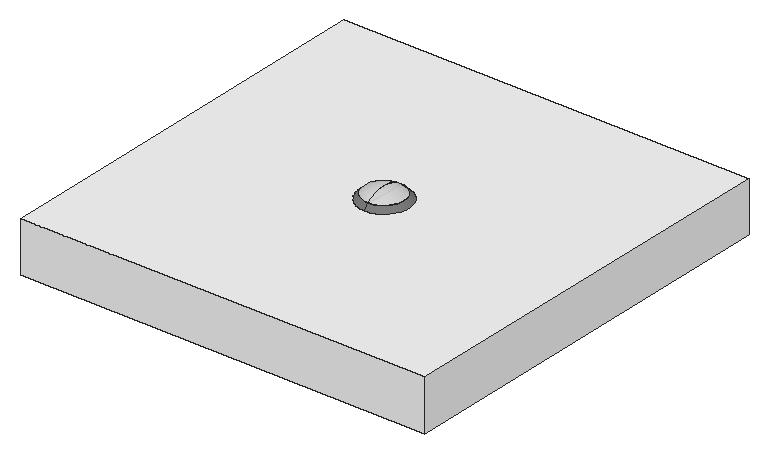
Revit family "Sarlam_Eclairage_Hublot_Chartres_Infini_T1_Diam_300mm_1000Lm", category Luminaires, Revit 2020
Family settings
  Hôte = Face
  Cote de connecteur circulaire = Utiliser le diamètre
  Type d'élément = Normal
  Couper avec des vides une fois chargée = Non
  Source d'éclairage = Oui
  Partagée = Non
  Point de calcul de pièce = Non
Parameters (values of type "ON/OFF ANTHRACITE")
  Zone plafond formes 1à7 [instance] = and(not(Diamètre externe = 328 mm), or([Standard Formes 1-3-6]), not([Afficher la zone de détection-pose murale]), [Afficher la zone de détection-pose plafond])  # no
  Zone murale formes 1à7 [instance] = and(not(Diamètre externe = 328 mm), or([Standard Formes 1-3-6]), [Afficher la zone de détection-pose murale], not([Afficher la zone de détection-pose plafond]))  # no
  Zone de détection = ""
  URL = "http://www.legrandoc.com/SL532001"
  Type de variation = "Non régulable"
  Type de tension = "CA"
  Tension nominale (Un) V MIN = 207
  Tension nominale (Un) V MAX = 253
  built-in parameter 1150107 = 3200 (stored number, unit not read)
  Température de couleur K MIN = 4000
  Température de couleur K MAX = 4000
  Standard Formes 1-3-6 = yes
  Source lumineuse = "Led non interchangeable"
  Répartition lumineuse = "Symétrique"
  Puissance du système W = 14
  Puissance de la source lumineuse W = ""
  Puissance de la lampe en Multiwatt = "14/24W"
  Wattage = 9.2903 W
  built-in parameter 1150110 = 1 (stored number, unit not read)
  built-in parameter 1150109 = 1 (stored number, unit not read)
  built-in parameter 1114218 = 1 (stored number, unit not read)
  built-in parameter 1150113 = 1 (stored number, unit not read)
  built-in parameter 1150112 = 1 (stored number, unit not read)
  built-in parameter 1150137 = (empty or 0)
  built-in parameter 1150132 = (empty or 0)
  Modèle = "SL-532001"
  Longueur d'encastrement = 0 mm
  Longueur = 300 mm
  Largeur d'encastrement = 300 mm
  Largeur = 300 mm
  built-in parameter 1150105 = 109.82 (stored number, unit not read)
  built-in parameter 1150102 = (empty or 0)
  Hauteur/profondeur d'encastrement = 0 mm
  Hauteur/profondeur = 70 mm
  Dimming Lamp Color Temperature Shift = (empty or 0)
  Lumens = 1380 lm
  Color Filter = 16777215
  Fichier de distribution photométrique = "SL532000 .ies"
  built-in parameter 1114217 = 1 (stored number, unit not read)
  built-in parameter 1150139 = (empty or 0)
  Fabricant = "LEGRAND"
  Emettre à partir du diamètre du cercle = 200 mm
  Emettre la visibilité des formes dans le rendu = no
  built-in parameter 1150104 = 13.8 (stored number, unit not read)
  built-in parameter 1150106 = 1.0982 (stored number, unit not read)
  built-in parameter 1150115 = 1 (stored number, unit not read)
  built-in parameter 1150114 = 1 (stored number, unit not read)
  Diamètre externe = 300 mm
  Diamètre d'encastrement = 0 mm
  Description = "CHARTRES INFINI 1000LM 4000K STANDARD ON/OFF ANTHRACITE"
  built-in parameter 1150138 = (empty or 0)
  built-in parameter 1150134 = 3
  Condition Générale d'Utilisation = "https://export.legrand.com/CGU-objets-BIM"
  Angle de l'inclinaison = 0.00°
  Afficher la zone de détection-pose plafond [instance] = no
  Afficher la zone de détection-pose murale [instance] = no
  Matériau du boîtier/corps = Plastique
  Indice de rendu des couleurs CRI = "80-89"
  Indice de protection contre les chocs (IK) = "IK10"
  Indice de protection (IP) = "IP55"
  Flux lumineux utile lm = 1000
  Elévation par défaut = 2500 mm
  Douille = "Sans"
  Courant nominal mA MIN = 39
  Courant nominal mA MAX = 49
  Couleur du boîtier/corps = LEGRAND - Anthracite
  Classe de protection = "II"
  Avec détecteur de mouvement = no
  Avec détecteur crépusculaire = no
  Appareillage = "Appareil à LED commandé en courant"
  Angle du faisceau = "Faisceau libre"
  Afficher l'étiquette de zone [instance] = no
  Adapté à une suspension = no
  Adapté à un montage encastré = no
  Adapté à un montage en saillie = yes
  Adapté à un montage en applique = yes
  Adapté à un montage au plafond = yes
  built-in parameter 1150133 = 10 (stored number, unit not read)
Types (12, lengths in mm): name | Zone de détection | URL | Type de variation | Puissance du système W | Modèle | built-in parameter 1150105 | built-in parameter 1150106 | Description | Courant nominal mA MIN | Courant nominal mA MAX | Couleur du boîtier/corps | Avec détecteur de mouvement | Avec détecteur crépusculaire
  ON/OFF BLANC | "" | "http://www.legrandoc.com/SL532000" | "Non régulable" | 14 | "SL-532000" | 421.16 (stored number, unit not read) | 4.2116 (stored number, unit not read) | "CHARTRES INFINI 1000LM 4000K STANDARD ON/OFF BLANC" | 39 | 49 | LEGRAND - Blanc | no | no
  ON/OFF ANTHRACITE | "" | "http://www.legrandoc.com/SL532001" | "Non régulable" | 14 | "SL-532001" | 109.82 (stored number, unit not read) | 1.0982 (stored number, unit not read) | "CHARTRES INFINI 1000LM 4000K STANDARD ON/OFF ANTHRACITE" | 39 | 49 | LEGRAND - Anthracite | no | no
  ON/OFF GRIS METAL | "" | "http://www.legrandoc.com/SL532002" | "Non régulable" | 14 | "SL-532002" | 109.82 (stored number, unit not read) | 1.0982 (stored number, unit not read) | "CHARTRES INFINI 1000LM 4000K STANDARD ON/OFF GRIS METAL" | 39 | 49 | LEGRAND - Gris métal | no | no
  Détection BLANC | "Détection à 2,5m haut Plafond: Ø6m maxi Mur: Ellipse 16*17m" | "http://www.legrandoc.com/SL532040" | "Autre" | 15 | "SL-532040" | 421.16 (stored number, unit not read) | 4.2116 (stored number, unit not read) | "CHARTRES INFINI 1000LM 4000K  STANDARD DETECTION HF BLANC" | 59 | 73 | LEGRAND - Blanc | yes | yes
  Détection ANTHRACITE | "Détection à 2,5m haut Plafond: Ø6m maxi Mur: Ellipse 16*17m" | "http://www.legrandoc.com/SL532041" | "Autre" | 15 | "SL-532041" | 109.82 (stored number, unit not read) | 1.0982 (stored number, unit not read) | "CHARTRES INFINI 1000LM 4000K  STANDARD DETECTION HF ANTHRACITE" | 59 | 73 | LEGRAND - Anthracite | yes | yes
  Détection GRIS METAL | "Détection à 2,5m haut Plafond: Ø6m maxi Mur: Ellipse 16*17m" | "http://www.legrandoc.com/SL532042" | "Autre" | 15 | "SL-532042" | 421.16 (stored number, unit not read) | 4.2116 (stored number, unit not read) | "CHARTRES INFINI 1000LM 4000K  STANDARD DETECTION HF GRIS METAL" | 59 | 73 | LEGRAND - Gris métal | yes | yes
  Détection+Horloge BLANC | "Détection à 2,5m haut Plafond: Ø6m maxi Mur: Ellipse 16*17m" | "http://www.legrandoc.com/SL532070" | "Autre" | 15 | "SL-532070" | 109.82 (stored number, unit not read) | 1.0982 (stored number, unit not read) | "CHARTRES INFINI 1000LM 4000K  STD DETECTION HF + HORLOGE BLANC" | 59 | 73 | LEGRAND - Blanc | yes | yes
  Détection+Horloge ANTHRACITE | "Détection à 2,5m haut Plafond: Ø6m maxi Mur: Ellipse 16*17m" | "http://www.legrandoc.com/SL532071" | "Autre" | 15 | "SL-532071" | 109.82 (stored number, unit not read) | 1.0982 (stored number, unit not read) | "CHARTRES INFINI 1000LM 4000K  STD DETECTION HF + HORLOGE ANTHRACITE" | 59 | 73 | LEGRAND - Anthracite | yes | yes
  Détection+Horloge GRIS METAL | "Détection à 2,5m haut Plafond: Ø6m maxi Mur: Ellipse 16*17m" | "http://www.legrandoc.com/SL532072" | "Autre" | 15 | "SL-532072" | 109.82 (stored number, unit not read) | 1.0982 (stored number, unit not read) | "CHARTRES INFINI 1000LM 4000K  STD DETECTION HF + HORLOGE GRIS METAL" | 59 | 73 | LEGRAND - Gris métal | yes | yes
  Double niveau/Minuterie BLANC | "" | "http://www.legrandoc.com/SL532082" | "Autre" | 15 | "SL-532082" | 109.82 (stored number, unit not read) | 1.0982 (stored number, unit not read) | "CHARTRES INFINI 1000LM 4000K STD DOUBLE NIVEAU/MINUTERIE BLANC" | 59 | 73 | LEGRAND - Blanc | no | no
  Double niveau/Minuterie ANTHRACITE | "" | "http://www.legrandoc.com/SL532083" | "Autre" | 15 | "SL-532083" | 109.82 (stored number, unit not read) | 1.0982 (stored number, unit not read) | "CHARTRES INFINI 1000LM 4000K STD DOUBLE NIVEAU/MINUTERIE ANTHRACITE" | 59 | 73 | LEGRAND - Anthracite | no | no
  Double niveau/Minuterie GRIS METAL | "" | "http://www.legrandoc.com/SL532084" | "Autre" | 15 | "SL-532084" | 109.82 (stored number, unit not read) | 1.0982 (stored number, unit not read) | "CHARTRES INFINI 1000LM 4000K STD DOUBLE NIVEAU/MINUTERIE GRIS METAL" | 59 | 73 | LEGRAND - Gris métal | no | no
Reference planes
  plane 1 "Centre (avant/arrière)": y = 0
  plane 2: z = 0
  plane 3 "Centre (gauche/droite)": x = 0
  plane 4: z = 90
Forms (mm)
  Extrusion 1, solid, material "Blanc"
    sketch origin (0, 0, 0) x (1, 0, 0) y (0, 1, 0)
      loop
        line (-1219.2, 1219.2) -> (-1219.2, -1219.2) -> (1219.2, -1219.2) -> (1219.2, 1219.2) -> (-1219.2, 1219.2)
    from 0 to -304.8
Lines and regions (mm)
  model lines, not visible
    curve 1: line (0, 0, 0) -> (0, 0, 2230)
    curve 2: line (0, 0, 0) -> (0, 3300, 0)
    curve 3: line (0, 0, 0) -> (-2620, 0, 0)
Dimensions and locks
  nested 1 to imposter light = 90 mm
  aligned and locked: plane 2 to Extrusion 1
  aligned and locked: level to Extrusion 1
  aligned and locked: imposter light to plane 4
  aligned and locked: imposter light to plane 1 "Centre (avant/arrière)"
  aligned and locked: plane 3 "Centre (gauche/droite)" to imposter light
Nested families
  nested 1: "Zone de détection murale Chartres-Astreo" at (0, 0, 0) x (0, 0, 1) z (0, -1, 0), visible <- "Afficher la zone de détection-pose murale", type "Zone de détection murale"
  nested 2: "Formes 1-2-3-4-6-7-8-9" at (0, 0, 0), type "Formes"
  nested 3: "Zone de détection plafond Chartres-Astreo" at (0, 0, 2500), visible <- "Afficher la zone de détection-pose plafond", type "Zone de détection plafond"
    with Zone plafond Formes 8à9 no
  nested 4: "Zone de détection murale Chartres-Astreo" at (0, 0, 0) x (0, 0, 1) z (1, 0, 0), visible <- "Afficher la zone de détection-pose murale", type "Zone de détection murale"
  nested 5: "Etiquette de zone" at (-5.168, 182.331, 0) x (-1, 0, 0) z (0, 0, 1), visible <- "Afficher l'étiquette de zone", type "Etiquette de zone"
Connectors
  electrical at (0, 0, 0)
    settings: on nested 2, index 1, voltage 230 V, apparent load 0 VA, apparent load phase1 0 VA, apparent load phase2 0 VA, apparent load phase3 0 VA, power factor 1, load classification "Eclairage", number of poles 1, system type 30, power factor state 1, is connector primary yes, connector utility no, sub classification motor no, connector description ""
Definition of nested family "Formes 1-2-3-4-6-7-8-9"
  Parameters (values of type "Formes")
    Standard Forme 8 = no
    Standard Formes 1-3-6 = yes
    Matériau corps = none
    Fl = if(Diamètre total < 325 mm, 70 mm, if(Diamètre total = 328 mm, 107 mm, 90 mm))  # 70 mm
    Default Elevation = 0 mm
    Dimension hublot = if(Diamètre total = 300 mm, 121.1 mm, if(Diamètre total = 322 mm, 129.3 mm, if(Diamètre total = 328 mm, 148.6 mm, if(Diamètre total = 420 mm, 179.2 mm, 185.3 mm))))  # 121.1 mm
    Diamètre total = 300 mm
    Courbure = if(Diamètre total = 300 mm, 195.7 mm, if(Diamètre total = 322 mm, 220.2 mm, if(Diamètre total = 328 mm, 179.2 mm, if(Diamètre total = 420 mm, 290 mm, 307.8 mm))))  # 195.7 mm
    Couleur corps = none
    Antivandale Forme 9 = no
    Antivandale Formes 2-4-7 = no
  Reference planes
    plane 1 "Centre (avant/arrière)": y = 0
    plane 2: z = 0
    plane 3 "Centre (gauche/droite)": x = 0
    plane 4: y = 150
    plane 5: y = -150
    plane 6: y = 121.1
  Forms (mm)
    Revolve 1, solid
      sketch origin (0, 0, 0) x (0, 0, -1) y (0, 1, 0)
        loop
          arc (-28, 121.1) -> (-59.196, 64.086) -> (-70, 0) r 195.7
          line (-70, 0) -> (-28, 0) -> (-28, 121.1)
        axis (-28, 0) -> (-70, 0)
      angle from 0 to 360
  Dimensions and locks
    equal spacing: plane 4, plane 1 "Centre (avant/arrière)", plane 5
    "Diamètre total": plane 4 to plane 5
    equal spacing: plane 5, plane 1 "Centre (avant/arrière)", plane 4
    "Dimension hublot": plane 1 "Centre (avant/arrière)" to plane 6
    "Fl": Revolve 1 sketch curve to plane 2
    "Courbure": radius of Revolve 1 sketch curve
    aligned and locked: level to plane 2
    aligned and locked: plane 6 to Revolve 1 sketch curve
    aligned and locked: plane 2 to nested 2
  Automatic sketch dimensions
    Revolve 1 sketch curve to plane 1 "Centre (avant/arrière)" = 0 mm  (x2)
    level to Revolve 1 sketch curve = 28 mm
    Revolve 1 sketch curve to Revolve 1 sketch curve = 1811.469 mm
    Revolve 1 sketch curve to Revolve 1 sketch curve = 1147.22 mm
  Nested families
    nested 1: "Corps standard Formes 1-3-6" at (0, 0, 0), visible <- "Standard Formes 1-3-6", type "Corps standard Formes 1-3-6"
      with Diamètre 300 mm
    nested 2: "Corps antivandale Formes 2-4-7" at (0, 0, 0), visible <- "Antivandale Formes 2-4-7", type "Corps antivandale Formes 2-4-7"
      with Diamètre 300 mm
    nested 3: "Corps standard Forme 8" at (0, 0, 0), visible <- "Standard Forme 8", type "Corps standard Forme 8"
    nested 4: "Corps antivandale Forme 9" at (0, 0, 0), visible <- "Antivandale Forme 9", type "Corps antivandale Forme 9"
  Definition of nested family "Corps standard Formes 1-3-6"
    Parameters (values of type "Corps standard")
      Matériau corps = none
      Default Elevation = 0 mm
      Couleur corps = none
      Diamètre = 322 mm
      Courbure = if(Diamètre < 400 mm, 195.7 mm, 290 mm)  # 195.7 mm
    Reference planes
      plane 1 "Centre (avant/arrière)": y = 0
      plane 2: z = 0
      plane 3 "Centre (gauche/droite)": x = 0
      plane 4: y = 161
      plane 5: y = -161
      plane 6: z = 28
    Forms (mm)
      Revolve 1, solid, material <- "Couleur corps"
        sketch origin (0, 0, 0) x (0, 0, -1) y (0, 1, 0)
          loop
            line (0, 0) -> (0, 161)
            arc (0, 161) -> (-14.55, 149.906) -> (-28, 137.502) r 195.7
            line (-28, 137.502) -> (-28, 0) -> (0, 0)
          axis (0, 0) -> (-28, 0)
        angle from 0 to 360
    Dimensions and locks
      equal spacing: plane 4, plane 1 "Centre (avant/arrière)", plane 5
      "Diamètre": plane 4 to plane 5
      equal spacing: plane 5, plane 1 "Centre (avant/arrière)", plane 4
      "Courbure": radius of Revolve 1 sketch curve
      aligned and locked: level to plane 2
      aligned and locked: plane 2 to Revolve 1  (x2)
      aligned and locked: Revolve 1 to plane 2
      aligned and locked: plane 6 to Revolve 1
    Automatic sketch dimensions
      Revolve 1 sketch curve to plane 1 "Centre (avant/arrière)" = 0 mm  (x3)
      Revolve 1 sketch curve to plane 6 = 0 mm
      Revolve 1 sketch curve to level = 0 mm
      Revolve 1 sketch curve to plane 4 = 0 mm
      plane 6 to Revolve 1 sketch curve = 1833.51 mm
      Revolve 1 sketch curve to Revolve 1 sketch curve = 1167.217 mm
  Definition of nested family "Corps antivandale Formes 2-4-7"
    Parameters (values of type "Corps antivandale")
      Rayon réseau vis = if(Diamètre < 400 mm, 137.2 mm, 193.2 mm)  # 137.2 mm
      Matériau corps = none
      Default Elevation = 0 mm
      Diamètre = 322 mm
      Courbure = if(Diamètre < 400 mm, 220.2 mm, 307.8 mm)  # 220.2 mm
      Couleur corps = none
    Reference planes
      plane 1 "Centre (avant/arrière)": y = 0
      plane 2: z = 0
      plane 3 "Centre (gauche/droite)": x = 0
      plane 4: y = 161
      plane 5: y = -161
      plane 6: z = 28
      plane 7: through (0, 0, 1200) normal (0.5, 0.866, 0)
      plane 8: through (0, 0, 1200) normal (0.5, -0.866, 0)
    Forms (mm)
      Revolve 1, solid, material <- "Couleur corps"
        sketch origin (0, 0, 0) x (0, 0, -1) y (0, 1, 0)
          loop
            line (0, 0) -> (0, 161)
            arc (0, 161) -> (-14.762, 145.835) -> (-28, 129.323) r 220.2
            line (-28, 129.323) -> (-28, 0) -> (0, 0)
          axis (0, 0) -> (-28, 0)
        angle from 0 to 360
      Extrusion 2, solid, material <- "Couleur corps"
        sketch origin (0, -0.04, 0) x (1, 0, 0) y (0, 1, 0)
          loop
            line (-4, 129.32) -> (-4, 137.3)
            arc (-4, 137.3) -> (0, 141.3) -> (4, 137.3) r 4
            line (4, 137.3) -> (4, 129.32)
            arc (4, 129.32) -> (5, 129.285) -> (6, 129.243) r 129.323
            line (6, 129.243) -> (6, 137.3)
            arc (6, 137.3) -> (0, 143.3) -> (-6, 137.3) r 6
            line (-6, 137.3) -> (-6, 129.243)
            arc (-6, 129.243) -> (-5, 129.285) -> (-4, 129.32) r 129.323
        from 15.189 to 28
      Extrusion 3, solid, material <- "Couleur corps"
        sketch origin (-0.035, 0.02, 0) x (-0.5, -0.866025, 0) y (0.866025, -0.5, 0)
          loop
            line (-4, 129.32) -> (-4, 137.3)
            arc (-4, 137.3) -> (0, 141.3) -> (4, 137.3) r 4
            line (4, 137.3) -> (4, 129.32)
            arc (4, 129.32) -> (5, 129.285) -> (6, 129.243) r 129.323
            line (6, 129.243) -> (6, 137.3)
            arc (6, 137.3) -> (0, 143.3) -> (-6, 137.3) r 6
            line (-6, 137.3) -> (-6, 129.243)
            arc (-6, 129.243) -> (-5, 129.285) -> (-4, 129.32) r 129.323
        from 15.189 to 28
      Extrusion 4, solid, material <- "Couleur corps"
        sketch origin (0.035, 0.02, 0) x (-0.5, 0.866025, 0) y (-0.866025, -0.5, 0)
          loop
            line (-4, 129.32) -> (-4, 137.3)
            arc (-4, 137.3) -> (0, 141.3) -> (4, 137.3) r 4
            line (4, 137.3) -> (4, 129.32)
            arc (4, 129.32) -> (5, 129.285) -> (6, 129.243) r 129.323
            line (6, 129.243) -> (6, 137.3)
            arc (6, 137.3) -> (0, 143.3) -> (-6, 137.3) r 6
            line (-6, 137.3) -> (-6, 129.243)
            arc (-6, 129.243) -> (-5, 129.285) -> (-4, 129.32) r 129.323
        from 15.189 to 28
      Revolve 5, solid
        sketch origin (0, 0.018, -12.656) x (0, 1, 0) y (0, 0, 1)
          loop
            line (136.525, 38.942) -> (136.525, 29.094) -> (136.962, 29.907) -> (137.751, 35.518) -> (140.148, 38.942) -> (136.525, 38.942)
          axis (136.525, 29.094) -> (136.525, 38.942)
        angle from 0 to 360
      Revolve 6, solid
        sketch origin (0.016, -0.009, -12.656) x (0.866025, -0.5, 0) y (0, 0, 1)
          loop
            line (136.525, 38.942) -> (136.525, 29.094) -> (136.962, 29.907) -> (137.751, 35.518) -> (140.148, 38.942) -> (136.525, 38.942)
          axis (136.525, 29.094) -> (136.525, 38.942)
        angle from 0 to 360
      Revolve 7, solid
        sketch origin (-0.016, -0.009, -12.656) x (-0.866025, -0.5, 0) y (0, 0, 1)
          loop
            line (136.525, 38.942) -> (136.525, 29.094) -> (136.962, 29.907) -> (137.751, 35.518) -> (140.148, 38.942) -> (136.525, 38.942)
          axis (136.525, 29.094) -> (136.525, 38.942)
        angle from 0 to 360
    Cuts and joins
      joined: Revolve 1, Extrusion 2
    Lines and regions (mm)
      model lines
        curve 1: line (-2.5, 136.543, 26.285) -> (2.5, 136.543, 26.285)
        curve 2: line (0, 138.995, 26.285) -> (0, 133.995, 26.285)
        curve 3: line (119.5, -66.107, 26.285) -> (117, -70.437, 26.285)
        curve 4: line (120.373, -69.497, 26.285) -> (116.043, -66.997, 26.285)
        curve 5: line (-117, -70.437, 26.285) -> (-119.5, -66.107, 26.285)
        curve 6: line (-120.373, -69.497, 26.285) -> (-116.043, -66.997, 26.285)
    Dimensions and locks
      equal spacing: plane 4, plane 1 "Centre (avant/arrière)", plane 5
      "Diamètre": plane 4 to plane 5
      equal spacing: plane 5, plane 1 "Centre (avant/arrière)", plane 4
      "Courbure": radius of Revolve 1 sketch curve
      "Rayon réseau vis": radius of radial array
      aligned and locked: level to plane 2
      aligned and locked: plane 2 to Revolve 1  (x2)
      aligned and locked: Revolve 1 to plane 2
      aligned and locked: plane 6 to Revolve 1
    Automatic sketch dimensions
      Extrusion 2 sketch curve to Extrusion 2 sketch curve = 0 mm  (x9)
      Extrusion 2 sketch curve to Extrusion 2 sketch curve = 7.98 mm
      Extrusion 2 sketch curve to Extrusion 2 sketch curve = 0.077 mm
      Extrusion 2 sketch curve to Extrusion 2 sketch curve = 2 mm
      Extrusion 2 sketch curve to Extrusion 2 sketch curve = 4 mm
      Extrusion 2 sketch curve to Extrusion 2 sketch curve = 6 mm
      Extrusion 3 sketch curve to Extrusion 3 sketch curve = 0 mm  (x9)
      Extrusion 3 sketch curve to Extrusion 3 sketch curve = 7.98 mm
      Extrusion 3 sketch curve to Extrusion 3 sketch curve = 0.077 mm
      Extrusion 3 sketch curve to Extrusion 3 sketch curve = 2 mm
      Extrusion 3 sketch curve to Extrusion 3 sketch curve = 4 mm
      Extrusion 3 sketch curve to Extrusion 3 sketch curve = 6 mm
      Extrusion 4 sketch curve to Extrusion 4 sketch curve = 0 mm  (x9)
      Extrusion 4 sketch curve to Extrusion 4 sketch curve = 7.98 mm
      Extrusion 4 sketch curve to Extrusion 4 sketch curve = 0.077 mm
      Extrusion 4 sketch curve to Extrusion 4 sketch curve = 2 mm
      Extrusion 4 sketch curve to Extrusion 4 sketch curve = 4 mm
      Extrusion 4 sketch curve to Extrusion 4 sketch curve = 6 mm
      Revolve 7 sketch curve to Revolve 7 sketch curve = 0.437 mm  (x2)
      Revolve 7 sketch curve to Revolve 7 sketch curve = 1.226 mm  (x2)
      Revolve 7 sketch curve to Revolve 7 sketch curve = 2.397 mm
      Revolve 7 sketch curve to Revolve 7 sketch curve = 0.813 mm  (x2)
      Revolve 7 sketch curve to Revolve 7 sketch curve = 5.611 mm  (x2)
      Revolve 7 sketch curve to Revolve 7 sketch curve = 3.424 mm  (x2)
      Revolve 7 sketch curve to Revolve 7 sketch curve = 0 mm  (x2)
      Revolve 7 sketch curve to Revolve 7 sketch curve = 0.975 mm
      Revolve 7 sketch curve to Revolve 7 sketch curve = 3.281 mm  (x2)
      Revolve 5 sketch curve to Revolve 5 sketch curve = 0.437 mm  (x2)
      Revolve 5 sketch curve to Revolve 5 sketch curve = 1.226 mm  (x2)
      Revolve 5 sketch curve to Revolve 5 sketch curve = 3.623 mm
      Revolve 5 sketch curve to Revolve 5 sketch curve = 5.611 mm  (x2)
      Revolve 5 sketch curve to Revolve 5 sketch curve = 3.424 mm  (x2)
      Revolve 5 sketch curve to Revolve 5 sketch curve = 0 mm  (x2)
      Revolve 5 sketch curve to Revolve 5 sketch curve = 0.813 mm  (x2)
      Revolve 5 sketch curve to Revolve 5 sketch curve = 0.162 mm
      Revolve 5 sketch curve to Revolve 5 sketch curve = 3.281 mm  (x2)
      Revolve 6 sketch curve to Revolve 6 sketch curve = 0.437 mm  (x2)
      Revolve 6 sketch curve to Revolve 6 sketch curve = 1.226 mm  (x2)
      Revolve 6 sketch curve to Revolve 6 sketch curve = 3.623 mm
      Revolve 6 sketch curve to Revolve 6 sketch curve = 5.611 mm  (x2)
      Revolve 6 sketch curve to Revolve 6 sketch curve = 3.424 mm  (x2)
      Revolve 6 sketch curve to Revolve 6 sketch curve = 0 mm  (x2)
      Revolve 6 sketch curve to Revolve 6 sketch curve = 0.813 mm  (x2)
      Revolve 6 sketch curve to Revolve 6 sketch curve = 0.162 mm
      Revolve 6 sketch curve to Revolve 6 sketch curve = 3.281 mm  (x2)
      Revolve 7 sketch curve to Revolve 7 sketch curve = 3.623 mm
      Revolve 7 sketch curve to Revolve 7 sketch curve = 0.162 mm
      curve 2 to Revolve 5 = 0 mm
      curve 2 to curve 1 = 2.548 mm
      curve 1 to curve 2 = 2.452 mm
      Revolve 5 to curve 1 = 2.5 mm
      curve 1 to Revolve 5 = 2.5 mm
      curve 4 to Revolve 6 = 0 mm
      curve 4 to curve 3 = 2.548 mm
      curve 3 to curve 4 = 2.452 mm
      Revolve 6 to curve 3 = 2.5 mm
      curve 3 to Revolve 6 = 2.5 mm
      curve 6 to Revolve 7 = 0 mm
      curve 6 to curve 5 = 2.548 mm
      curve 5 to curve 6 = 2.452 mm
      Revolve 7 to curve 5 = 2.5 mm
      curve 5 to Revolve 7 = 2.5 mm
      Revolve 5 sketch curve to Revolve 5 sketch curve = 2.397 mm
      Revolve 5 sketch curve to Revolve 5 sketch curve = 0.975 mm
      Revolve 6 sketch curve to Revolve 6 sketch curve = 2.397 mm
      Revolve 6 sketch curve to Revolve 6 sketch curve = 0.975 mm
      Revolve 1 sketch curve to plane 1 "Centre (avant/arrière)" = 0 mm  (x3)
      Revolve 1 sketch curve to plane 6 = 0 mm
      Revolve 1 sketch curve to level = 0 mm
      Revolve 1 sketch curve to plane 4 = 0 mm
      plane 6 to Revolve 1 sketch curve = 1833.51 mm
      Revolve 1 sketch curve to Revolve 1 sketch curve = 1128.321 mm
  Definition of nested family "Corps standard Forme 8"
    Parameters (values of type "Corps standard Forme 8")
      Matériau corps = none
      Default Elevation = 0 mm
      Couleur corps = none
      Diamètre = 328 mm
    Reference planes
      plane 1 "Centre (avant/arrière)": y = 0
      plane 2: z = 0
      plane 3 "Centre (gauche/droite)": x = 0
      plane 4: y = 164
      plane 5: y = -164
      plane 6: z = 28
      plane 7: y = 7.5
      plane 8: y = -7.5
    Forms (mm)
      Revolve 1, solid, material <- "Couleur corps"
        sketch origin (0, 0, 0) x (0, 0, -1) y (0, 1, 0)
          loop
            line (0, 0) -> (0, 164)
            arc (0, 164) -> (-14.345, 156.905) -> (-28, 148.559) r 179.182
            line (-28, 148.559) -> (-28, 0) -> (0, 0)
          axis (0, 0) -> (-28, 0)
        angle from 0 to 360
      Sweep 2, void
        path origin (0, 0, 0) x (1, 0, 0) y (0, 1, 0)
          loop
            arc (153.049, 7.5) -> (0, 153.232) -> (-153.049, 7.5) r 153.232
        profile origin (0, 153.232, 0) x (0, -1, 0) y (0, 0, 1)
          loop
            line (-5.469, 6.213) -> (-10.469, 16.465) -> (-10.469, 6.213) -> (-5.469, 6.213)
      Sweep 3, void
        path origin (0, 0, 0) x (1, 0, 0) y (0, 1, 0)
          loop
            arc (153.049, 7.5) -> (0, 153.232) -> (-153.049, 7.5) r 153.232
        profile origin (0, 153.232, 0) x (0, -1, 0) y (0, 0, 1)
          loop
            line (-1.643, 13.471) -> (-6.643, 23.723) -> (-6.643, 13.471) -> (-1.643, 13.471)
      Sweep 4, void
        path origin (0, 0, 0) x (1, 0, 0) y (0, -1, 0)
          loop
            arc (153.049, 7.5) -> (0, 153.232) -> (-153.049, 7.5) r 153.232
        profile origin (0, -153.232, 0) x (0, -1, 0) y (0, 0, 1)
          loop
            line (1.643, 13.471) -> (6.643, 13.471) -> (6.643, 23.723) -> (1.643, 13.471)
      Sweep 5, void
        path origin (0, 0, 0) x (1, 0, 0) y (0, -1, 0)
          loop
            arc (153.049, 7.5) -> (0, 153.232) -> (-153.049, 7.5) r 153.232
        profile origin (0, -153.232, 0) x (0, -1, 0) y (0, 0, 1)
          loop
            line (5.469, 6.213) -> (10.469, 6.213) -> (10.469, 16.465) -> (5.469, 6.213)
    Cuts and joins
      Sweep 2, Sweep 3, Sweep 4, Sweep 5 cuts Revolve 1
    Dimensions and locks
      equal spacing: plane 4, plane 1 "Centre (avant/arrière)", plane 5
      "Diamètre": plane 4 to plane 5
      equal spacing: plane 5, plane 1 "Centre (avant/arrière)", plane 4
      aligned and locked: level to plane 2
      aligned and locked: plane 2 to Revolve 1  (x2)
      aligned and locked: Revolve 1 to plane 2
      aligned and locked: plane 6 to Revolve 1
    Automatic sketch dimensions
      Sweep 2 sketch curve to plane 7 = 0 mm  (x2)
      plane 1 "Centre (avant/arrière)" to Sweep 2 sketch curve = 0 mm
      Sweep 2 sketch curve to plane 3 "Centre (gauche/droite)" = 0 mm
      Sweep 2 sketch curve to plane 3 "Centre (gauche/droite)" = 153.049 mm
      Sweep 3 sketch curve to plane 7 = 0 mm  (x2)
      plane 1 "Centre (avant/arrière)" to Sweep 3 sketch curve = 0 mm
      Sweep 3 sketch curve to plane 3 "Centre (gauche/droite)" = 0 mm
      Sweep 3 sketch curve to plane 3 "Centre (gauche/droite)" = 153.049 mm
      Sweep 4 sketch curve to plane 8 = 0 mm  (x2)
      plane 1 "Centre (avant/arrière)" to Sweep 4 sketch curve = 0 mm
      Sweep 4 sketch curve to plane 3 "Centre (gauche/droite)" = 0 mm
      plane 3 "Centre (gauche/droite)" to Sweep 4 sketch curve = 153.049 mm
      Sweep 5 sketch curve to plane 8 = 0 mm  (x2)
      plane 1 "Centre (avant/arrière)" to Sweep 5 sketch curve = 0 mm
      Sweep 5 sketch curve to plane 3 "Centre (gauche/droite)" = 0 mm
      plane 3 "Centre (gauche/droite)" to Sweep 5 sketch curve = 153.049 mm
      Revolve 1 sketch curve to plane 1 "Centre (avant/arrière)" = 0 mm  (x3)
      Revolve 1 sketch curve to plane 6 = 0 mm
      Revolve 1 sketch curve to level = 0 mm
      Revolve 1 sketch curve to plane 4 = 0 mm
      Revolve 1 sketch curve to Revolve 1 sketch curve = 72.182 mm
      plane 6 to Revolve 1 sketch curve = 1833.51 mm
      Revolve 1 sketch curve to Revolve 1 sketch curve = 1201.817 mm
      profile plane to Sweep 2 sketch curve = 10.469 mm
      Sweep 2 sketch curve to Sweep 2 sketch curve = 5 mm
      level to Sweep 2 sketch curve = 6.213 mm
      Sweep 2 sketch curve to Sweep 2 sketch curve = 10.252 mm
      profile plane to Sweep 3 sketch curve = 6.643 mm
      profile plane to Sweep 3 sketch curve = 1.643 mm
      level to Sweep 3 sketch curve = 13.471 mm
      Sweep 3 sketch curve to Sweep 3 sketch curve = 10.252 mm
      Sweep 4 sketch curve to profile plane = 1.643 mm
      Sweep 4 sketch curve to profile plane = 6.643 mm
      level to Sweep 4 sketch curve = 13.471 mm
      Sweep 4 sketch curve to Sweep 4 sketch curve = 10.252 mm
      Sweep 5 sketch curve to profile plane = 5.469 mm
      Sweep 5 sketch curve to profile plane = 10.469 mm
      level to Sweep 5 sketch curve = 6.213 mm
      Sweep 5 sketch curve to Sweep 5 sketch curve = 10.252 mm
  Definition of nested family "Corps antivandale Forme 9"
    Parameters (values of type "Corps antivandale Forme 9")
      Matériau corps = none
      Default Elevation = 0 mm
      Couleur corps = none
      Diamètre = 328 mm
    Reference planes
      plane 1 "Centre (avant/arrière)": y = 0
      plane 2: z = 0
      plane 3 "Centre (gauche/droite)": x = 0
      plane 4: y = 164
      plane 5: y = -164
      plane 6: z = 28
      plane 7: y = 7.5
      plane 8: y = -7.5
    Forms (mm)
      Revolve 1, solid, material <- "Couleur corps"
        sketch origin (0, 0, 0) x (0, 0, -1) y (0, 1, 0)
          loop
            line (0, 0) -> (0, 164)
            arc (0, 164) -> (-14.345, 156.905) -> (-28, 148.559) r 179.182
            line (-28, 148.559) -> (-28, 0) -> (0, 0)
          axis (0, 0) -> (-28, 0)
        angle from 0 to 360
      Extrusion 2, void
        sketch origin (-1.406, 0, 0) x (1, 0, 0) y (0, 1, 0)
          loop
            circle (157.486, 0) r 5
        from 5.665 to 28
      Sweep 3, void
        path origin (0, 0, 0) x (1, 0, 0) y (0, 1, 0)
          loop
            arc (153.049, 7.5) -> (0, 153.232) -> (-153.049, 7.5) r 153.232
        profile origin (0, 153.232, 0) x (0, -1, 0) y (0, 0, 1)
          loop
            line (-5.469, 6.213) -> (-10.469, 16.465) -> (-10.469, 6.213) -> (-5.469, 6.213)
      Extrusion 4, void
        sketch origin (1.406, 0, 0) x (-1, 0, 0) y (0, -1, 0)
          loop
            circle (157.486, 0) r 5
        from 5.665 to 28
      Sweep 5, void
        path origin (0, 0, 0) x (1, 0, 0) y (0, 1, 0)
          loop
            arc (153.049, 7.5) -> (0, 153.232) -> (-153.049, 7.5) r 153.232
        profile origin (0, 153.232, 0) x (0, -1, 0) y (0, 0, 1)
          loop
            line (-1.643, 13.471) -> (-6.643, 23.723) -> (-6.643, 13.471) -> (-1.643, 13.471)
      Sweep 6, void
        path origin (0, 0, 0) x (1, 0, 0) y (0, -1, 0)
          loop
            arc (153.049, 7.5) -> (0, 153.232) -> (-153.049, 7.5) r 153.232
        profile origin (0, -153.232, 0) x (0, -1, 0) y (0, 0, 1)
          loop
            line (1.643, 13.471) -> (6.643, 13.471) -> (6.643, 23.723) -> (1.643, 13.471)
      Sweep 7, void
        path origin (0, 0, 0) x (1, 0, 0) y (0, -1, 0)
          loop
            arc (153.049, 7.5) -> (0, 153.232) -> (-153.049, 7.5) r 153.232
        profile origin (0, -153.232, 0) x (0, -1, 0) y (0, 0, 1)
          loop
            line (5.469, 6.213) -> (10.469, 6.213) -> (10.469, 16.465) -> (5.469, 6.213)
      Revolve 8, solid
        sketch origin (-156.149, -136.533, -30.469) x (0, 1, 0) y (0, 0, 1)
          loop
            line (136.525, 38.942) -> (136.525, 31.651) -> (137.319, 32.445) -> (137.923, 36.741) -> (139.106, 38.942) -> (136.525, 38.942)
          axis (136.525, 31.651) -> (136.525, 38.942)
        angle from 0 to 360
      Revolve 9, solid
        sketch origin (156.149, -136.533, -30.469) x (0, 1, 0) y (0, 0, -1)
          loop
            line (136.525, -38.942) -> (139.106, -38.942) -> (137.923, -36.741) -> (137.319, -32.445) -> (136.525, -31.651) -> (136.525, -38.942)
          axis (136.525, -31.651) -> (136.525, -38.942)
        angle from 0 to 360
    Cuts and joins
      Extrusion 2, Sweep 3, Extrusion 4, Sweep 5, Sweep 6, Sweep 7 cuts Revolve 1
    Lines and regions (mm)
      model lines
        curve 1: line (-156.149, 1.39, 8.473) -> (-156.149, -1.406, 8.473)
        curve 2: line (-157.503, 0, 8.473) -> (-154.615, 0, 8.473)
        curve 3: line (156.149, 1.39, 8.473) -> (156.149, -1.406, 8.473)
        curve 4: line (157.503, 0, 8.473) -> (154.615, 0, 8.473)
    Dimensions and locks
      equal spacing: plane 4, plane 1 "Centre (avant/arrière)", plane 5
      "Diamètre": plane 4 to plane 5
      equal spacing: plane 5, plane 1 "Centre (avant/arrière)", plane 4
      aligned and locked: level to plane 2
      aligned and locked: plane 2 to Revolve 1  (x2)
      aligned and locked: Revolve 1 to plane 2
      aligned and locked: plane 6 to Revolve 1
    Automatic sketch dimensions
      plane 1 "Centre (avant/arrière)" to Extrusion 2 sketch curve = 0 mm
      plane 3 "Centre (gauche/droite)" to Extrusion 2 sketch curve = 156.08 mm
      Sweep 3 sketch curve to plane 7 = 0 mm  (x2)
      plane 1 "Centre (avant/arrière)" to Sweep 3 sketch curve = 0 mm
      Sweep 3 sketch curve to plane 3 "Centre (gauche/droite)" = 0 mm
      Sweep 3 sketch curve to plane 3 "Centre (gauche/droite)" = 153.049 mm
      plane 1 "Centre (avant/arrière)" to Extrusion 4 sketch curve = 0 mm
      plane 3 "Centre (gauche/droite)" to Extrusion 4 sketch curve = 156.08 mm
      Sweep 5 sketch curve to plane 7 = 0 mm  (x2)
      plane 1 "Centre (avant/arrière)" to Sweep 5 sketch curve = 0 mm
      Sweep 5 sketch curve to plane 3 "Centre (gauche/droite)" = 0 mm
      Sweep 5 sketch curve to plane 3 "Centre (gauche/droite)" = 153.049 mm
      Sweep 6 sketch curve to plane 8 = 0 mm  (x2)
      plane 1 "Centre (avant/arrière)" to Sweep 6 sketch curve = 0 mm
      Sweep 6 sketch curve to plane 3 "Centre (gauche/droite)" = 0 mm
      plane 3 "Centre (gauche/droite)" to Sweep 6 sketch curve = 153.049 mm
      Sweep 7 sketch curve to plane 8 = 0 mm  (x2)
      plane 1 "Centre (avant/arrière)" to Sweep 7 sketch curve = 0 mm
      Sweep 7 sketch curve to plane 3 "Centre (gauche/droite)" = 0 mm
      plane 3 "Centre (gauche/droite)" to Sweep 7 sketch curve = 153.049 mm
      Revolve 1 sketch curve to plane 1 "Centre (avant/arrière)" = 0 mm  (x3)
      Revolve 1 sketch curve to plane 6 = 0 mm
      Revolve 1 sketch curve to level = 0 mm
      Revolve 1 sketch curve to plane 4 = 0 mm
      Revolve 1 sketch curve to Revolve 1 sketch curve = 72.182 mm
      plane 6 to Revolve 1 sketch curve = 1833.51 mm
      Revolve 1 sketch curve to Revolve 1 sketch curve = 1201.817 mm
      profile plane to Sweep 3 sketch curve = 10.469 mm
      Sweep 3 sketch curve to Sweep 3 sketch curve = 5 mm
      level to Sweep 3 sketch curve = 6.213 mm
      Sweep 3 sketch curve to Sweep 3 sketch curve = 10.252 mm
      profile plane to Sweep 5 sketch curve = 6.643 mm
      profile plane to Sweep 5 sketch curve = 1.643 mm
      level to Sweep 5 sketch curve = 13.471 mm
      Sweep 5 sketch curve to Sweep 5 sketch curve = 10.252 mm
      Sweep 6 sketch curve to profile plane = 1.643 mm
      Sweep 6 sketch curve to profile plane = 6.643 mm
      level to Sweep 6 sketch curve = 13.471 mm
      Sweep 6 sketch curve to Sweep 6 sketch curve = 10.252 mm
      Sweep 7 sketch curve to profile plane = 5.469 mm
      Sweep 7 sketch curve to profile plane = 10.469 mm
      level to Sweep 7 sketch curve = 6.213 mm
      Sweep 7 sketch curve to Sweep 7 sketch curve = 10.252 mm
      plane 1 "Centre (avant/arrière)" to Revolve 8 sketch curve = 0.008 mm  (x2)
      Revolve 8 sketch curve to plane 1 "Centre (avant/arrière)" = 0.786 mm
      Revolve 8 sketch curve to plane 1 "Centre (avant/arrière)" = 1.39 mm
      Revolve 8 sketch curve to Revolve 8 sketch curve = 1.183 mm
      level to Revolve 8 sketch curve = 1.183 mm
      Revolve 8 sketch curve to Revolve 8 sketch curve = 0.794 mm
      Revolve 8 sketch curve to Revolve 8 sketch curve = 4.296 mm
      Revolve 8 sketch curve to Revolve 8 sketch curve = 2.201 mm
      Revolve 8 sketch curve to level = 0.4 mm
      Revolve 8 sketch curve to Revolve 8 sketch curve = 3.281 mm
      plane 1 "Centre (avant/arrière)" to Revolve 9 sketch curve = 0.008 mm  (x2)
      Revolve 9 sketch curve to plane 1 "Centre (avant/arrière)" = 0.786 mm
      Revolve 9 sketch curve to plane 1 "Centre (avant/arrière)" = 1.39 mm
      Revolve 9 sketch curve to Revolve 9 sketch curve = 1.183 mm
      level to Revolve 9 sketch curve = 8.473 mm
      Revolve 9 sketch curve to Revolve 9 sketch curve = 2.201 mm
      level to Revolve 9 sketch curve = 1.977 mm
      Revolve 9 sketch curve to Revolve 9 sketch curve = 0.794 mm
      Revolve 9 sketch curve to Revolve 9 sketch curve = 3.281 mm
      Revolve 9 sketch curve to level = 0.4 mm
      curve 1 to Revolve 8 = 0 mm
      curve 1 to curve 3 = 0 mm
      curve 1 to curve 2 = 1.406 mm
      curve 3 to curve 4 = 1.406 mm
      curve 4 to curve 3 = 1.39 mm
      curve 2 to curve 1 = 1.39 mm
      Revolve 8 to curve 2 = 1.534 mm
      curve 4 to curve 2 = 309.23 mm
      curve 3 to curve 4 = 1.534 mm
      curve 4 to curve 3 = 1.354 mm
      curve 2 to Revolve 8 = 1.354 mm
      radius of Extrusion 2 sketch curve = 5 mm
      radius of Extrusion 4 sketch curve = 5 mm
Definition of nested family "Zone de détection murale Chartres-Astreo"
  Parameters (values of type "Zone de détection murale")
    Zone murale Formes 8à9 = no
    Zone murale Formes 1à7 = no
  Reference planes
    plane 1 "Centre (avant/arrière)": y = 0
    plane 2: z = 0
    plane 3 "Centre (gauche/droite)": x = 0
    plane 4: x = 3500
    plane 5: y = 1000
    plane 6: x = 10000
    plane 7: y = 3500
    plane 8: x = 13000
    plane 9: y = 4000
    plane 10: x = 17000
    plane 11: y = 8000
    plane 12: x = 6000
    plane 13: x = 8000
  Lines and regions (mm)
    detail lines, in view "Niveau de réf.", visible <- "Zone murale Formes 1à7"
      curve 1: spline (0, 0, 0) -> (59.63, 258.819, 0) -> (234.456, 500, 0) -> (512.563, 707.107, 0) -> (875, 866.025, 0) -> (1297.067, 965.926, 0) -> (1750, 1000, 0) -> (2202.933, 965.926, 0) -> (2625, 866.025, 0) -> (2987.437, 707.107, 0) -> (3265.544, 500, 0) -> (3440.37, 258.819, 0) -> (3500, 0, 0) -> (3440.37, -258.819, 0) -> (3265.544, -500, 0) -> (2987.437, -707.107, 0) -> (2625, -866.025, 0) -> (2202.933, -965.926, 0) -> (1750, -1000, 0) -> (1297.067, -965.926, 0) -> (875, -866.025, 0) -> (512.563, -707.107, 0) -> (234.456, -500, 0) -> (59.63, -258.819, 0) -> (0, 0, 0)
      curve 2: spline (0, 0, 0) -> (170.371, 905.867, 0) -> (669.873, 1750, 0) -> (1464.466, 2474.874, 0) -> (2500, 3031.089, 0) -> (3705.905, 3380.74, 0) -> (5000, 3500, 0) -> (6294.095, 3380.74, 0) -> (7500, 3031.089, 0) -> (8535.534, 2474.874, 0) -> (9330.127, 1750, 0) -> (9829.629, 905.867, 0) -> (10000, 0, 0) -> (9829.629, -905.867, 0) -> (9330.127, -1750, 0) -> (8535.534, -2474.874, 0) -> (7500, -3031.089, 0) -> (6294.095, -3380.74, 0) -> (5000, -3500, 0) -> (3705.905, -3380.74, 0) -> (2500, -3031.089, 0) -> (1464.466, -2474.874, 0) -> (669.873, -1750, 0) -> (170.371, -905.867, 0) -> (0, 0, 0)
      curve 3: spline (0, 0, 0) -> (221.482, 1035.276, 0) -> (870.835, 2000, 0) -> (1903.806, 2828.427, 0) -> (3250, 3464.102, 0) -> (4817.676, 3863.703, 0) -> (6500, 4000, 0) -> (8182.324, 3863.703, 0) -> (9750, 3464.102, 0) -> (11096.194, 2828.427, 0) -> (12129.165, 2000, 0) -> (12778.518, 1035.276, 0) -> (13000, 0, 0) -> (12778.518, -1035.276, 0) -> (12129.165, -2000, 0) -> (11096.194, -2828.427, 0) -> (9750, -3464.102, 0) -> (8182.324, -3863.703, 0) -> (6500, -4000, 0) -> (4817.676, -3863.703, 0) -> (3250, -3464.102, 0) -> (1903.806, -2828.427, 0) -> (870.835, -2000, 0) -> (221.482, -1035.276, 0) -> (0, 0, 0)
      curve 4: spline (0, 0, 0) -> (289.63, 2070.552, 0) -> (1138.784, 4000, 0) -> (2489.592, 5656.854, 0) -> (4250, 6928.203, 0) -> (6300.038, 7727.407, 0) -> (8500, 8000, 0) -> (10699.962, 7727.407, 0) -> (12750, 6928.203, 0) -> (14510.408, 5656.854, 0) -> (15861.216, 4000, 0) -> (16710.37, 2070.552, 0) -> (17000, 0, 0) -> (16710.37, -2070.552, 0) -> (15861.216, -4000, 0) -> (14510.408, -5656.854, 0) -> (12750, -6928.203, 0) -> (10699.962, -7727.407, 0) -> (8500, -8000, 0) -> (6300.038, -7727.407, 0) -> (4250, -6928.203, 0) -> (2489.592, -5656.854, 0) -> (1138.784, -4000, 0) -> (289.63, -2070.552, 0) -> (0, 0, 0)
    detail lines, in view "Niveau de réf.", visible <- "Zone murale Formes 8à9"
      curve 5: spline (0, 0, 0) -> (102.223, 258.819, 0) -> (401.924, 500, 0) -> (878.68, 707.107, 0) -> (1500, 866.025, 0) -> (2223.543, 965.926, 0) -> (3000, 1000, 0) -> (3776.457, 965.926, 0) -> (4500, 866.025, 0) -> (5121.32, 707.107, 0) -> (5598.076, 500, 0) -> (5897.777, 258.819, 0) -> (6000, 0, 0) -> (5897.777, -258.819, 0) -> (5598.076, -500, 0) -> (5121.32, -707.107, 0) -> (4500, -866.025, 0) -> (3776.457, -965.926, 0) -> (3000, -1000, 0) -> (2223.543, -965.926, 0) -> (1500, -866.025, 0) -> (878.68, -707.107, 0) -> (401.924, -500, 0) -> (102.223, -258.819, 0) -> (0, 0, 0)
      curve 6: spline (0, 0, 0) -> (136.297, 647.048, 0) -> (535.898, 1250, 0) -> (1171.573, 1767.767, 0) -> (2000, 2165.064, 0) -> (2964.724, 2414.815, 0) -> (4000, 2500, 0) -> (5035.276, 2414.815, 0) -> (6000, 2165.064, 0) -> (6828.427, 1767.767, 0) -> (7464.102, 1250, 0) -> (7863.703, 647.048, 0) -> (8000, 0, 0) -> (7863.703, -647.048, 0) -> (7464.102, -1250, 0) -> (6828.427, -1767.767, 0) -> (6000, -2165.064, 0) -> (5035.276, -2414.815, 0) -> (4000, -2500, 0) -> (2964.724, -2414.815, 0) -> (2000, -2165.064, 0) -> (1171.573, -1767.767, 0) -> (535.898, -1250, 0) -> (136.297, -647.048, 0) -> (0, 0, 0)
      curve 7: spline (0, 0, 0) -> (170.371, 1035.276, 0) -> (669.873, 2000, 0) -> (1464.466, 2828.427, 0) -> (2500, 3464.102, 0) -> (3705.905, 3863.703, 0) -> (5000, 4000, 0) -> (6294.095, 3863.703, 0) -> (7500, 3464.102, 0) -> (8535.534, 2828.427, 0) -> (9330.127, 2000, 0) -> (9829.629, 1035.276, 0) -> (10000, 0, 0) -> (9829.629, -1035.276, 0) -> (9330.127, -2000, 0) -> (8535.534, -2828.427, 0) -> (7500, -3464.102, 0) -> (6294.095, -3863.703, 0) -> (5000, -4000, 0) -> (3705.905, -3863.703, 0) -> (2500, -3464.102, 0) -> (1464.466, -2828.427, 0) -> (669.873, -2000, 0) -> (170.371, -1035.276, 0) -> (0, 0, 0)
  Dimensions and locks
    plane 3 "Centre (gauche/droite)" to plane 4 = 3500 mm
    plane 1 "Centre (avant/arrière)" to plane 5 = 1000 mm
    plane 3 "Centre (gauche/droite)" to plane 6 = 10000 mm
    plane 7 to plane 1 "Centre (avant/arrière)" = 3500 mm
    plane 3 "Centre (gauche/droite)" to plane 8 = 13000 mm
    plane 1 "Centre (avant/arrière)" to plane 9 = 4000 mm
    plane 3 "Centre (gauche/droite)" to plane 10 = 17000 mm
    plane 1 "Centre (avant/arrière)" to plane 11 = 8000 mm
    plane 3 "Centre (gauche/droite)" to plane 12 = 6000 mm
    plane 3 "Centre (gauche/droite)" to plane 13 = 8000 mm
Definition of nested family "Zone de détection plafond Chartres-Astreo"
  Parameters (values of type "Zone de détection plafond")
    Zone plafond Formes 8à9 = yes
    Zone plafond Formes 1à7 = no
  Reference planes
    plane 1 "Centre (avant/arrière)": y = 0
    plane 2: z = 0
    plane 3 "Centre (gauche/droite)": x = 0
  Lines and regions (mm)
    detail lines, in view "Niveau de réf.", visible <- "Zone plafond Formes 1à7"
      curve 1: circle (0, 0, 0) r 500 normal (0, 0, 1)
      curve 2: circle (0, 0, 0) r 1000 normal (0, 0, 1)
      curve 3: circle (0, 0, 0) r 2000 normal (0, 0, 1)
      curve 4: circle (0, 0, 0) r 3000 normal (0, 0, 1)
    detail lines, in view "Niveau de réf.", visible <- "Zone plafond Formes 8à9"
      curve 5: circle (0, 0, 0) r 1500 normal (0, 0, 1)
      curve 6: circle (0, 0, 0) r 4000 normal (0, 0, 1)
      curve 7: circle (0, 0, 0) r 6000 normal (0, 0, 1)
Definition of nested family "Etiquette de zone"
  Parameters (values of type "Etiquette de zone")
    Etiquette de zone = ""
  Reference planes
    plane 1: y = 0
    plane 2: x = 0
  Text (mm)
    label "Etiquette de zone" at (0.013, -4.46, 0), shows "Etiquette de zone"
